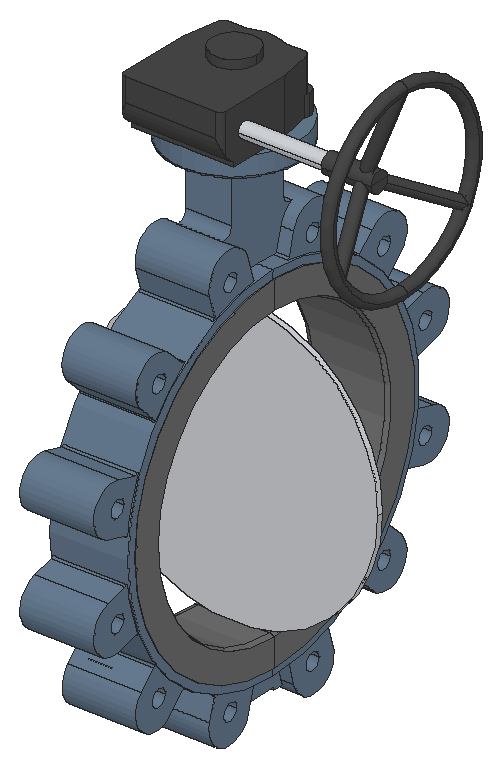
Revit family "Запорно-регулирующая заслонка с ручным редукторным приводом AF-4219", category Rohrzubehör, Revit 2020 (continued)
Definition of nested family "Getriebe für Klappe DN50-DN200"
  Dimensions and locks
    "R02": radius of Extrusion 1 sketch curve  (x4)
    "R01": radius of Extrusion 1 sketch curve
    "R03": radius of Extrusion 2 sketch curve  (x2)
    "R06": radius of Revolve 6 sketch curve
    "W01": angle Extrusion 1 sketch curve to Extrusion 1 sketch curve  (x2)
    aligned and locked: level to plane 2
  Automatic sketch dimensions
    Extrusion 3 sketch curve to level = 0 mm
    plane 1 "Mitte (Vorne/hinten)" to Extrusion 3 sketch curve = 80 mm
    Extrusion 3 sketch curve to Extrusion 3 sketch curve = 15.427 mm
    Extrusion 3 sketch curve to Extrusion 3 sketch curve = 13.173 mm
    level to Extrusion 3 sketch curve = 4.9 mm
    plane 1 "Mitte (Vorne/hinten)" to Extrusion 5 sketch curve = 0 mm
    Extrusion 5 sketch curve to plane 3 "Mitte (Links/rechts)" = 0 mm
    level to Revolve 7 sketch curve = 28.6 mm  (x2)
    plane 3 "Mitte (Links/rechts)" to Revolve 7 sketch curve = 172 mm
    level to Revolve 7 sketch curve = 26.361 mm
    Revolve 7 sketch curve to Revolve 7 sketch curve = 5.567 mm
    level to Revolve 7 sketch curve = 120.6 mm
    Revolve 7 sketch curve to Revolve 7 sketch curve = 0 mm  (x3)
    plane 3 "Mitte (Links/rechts)" to Revolve 10 sketch curve = 172 mm
    Revolve 10 sketch curve to Revolve 10 sketch curve = 5.567 mm
    Revolve 10 sketch curve to Revolve 10 sketch curve = 37 mm
    Revolve 10 sketch curve to Revolve 10 sketch curve = 2.239 mm
    Revolve 10 sketch curve to Revolve 10 sketch curve = 0 mm  (x4)
    plane 3 "Mitte (Links/rechts)" to Revolve 9 sketch curve = 172 mm
    Revolve 9 sketch curve to Revolve 9 sketch curve = 5.567 mm
    Revolve 9 sketch curve to Revolve 9 sketch curve = 37 mm
    Revolve 9 sketch curve to Revolve 9 sketch curve = 2.239 mm
    Revolve 9 sketch curve to Revolve 9 sketch curve = 0 mm  (x4)
    Extrusion 1 sketch curve to plane 3 "Mitte (Links/rechts)" = 0 mm
    plane 1 "Mitte (Vorne/hinten)" to Extrusion 1 sketch curve = 0 mm  (x2)
    Extrusion 1 sketch curve to plane 1 "Mitte (Vorne/hinten)" = 35.392 mm
    Extrusion 1 sketch curve to Extrusion 1 sketch curve = 18.48 mm  (x2)
    Extrusion 2 sketch curve to plane 3 "Mitte (Links/rechts)" = 35.7 mm
    plane 3 "Mitte (Links/rechts)" to Extrusion 2 sketch curve = 35.7 mm
    Revolve 4 sketch curve to plane 3 "Mitte (Links/rechts)" = 0 mm  (x2)
    Revolve 4 sketch curve to Revolve 4 sketch curve = 0 mm  (x2)
    Revolve 6 sketch curve to plane 3 "Mitte (Links/rechts)" = 1506.53 mm
    Revolve 6 sketch curve to Revolve 6 sketch curve = 1630.148 mm
    Revolve 8 sketch curve to Revolve 8 sketch curve = 7.5 mm
    Revolve 8 sketch curve to Revolve 8 sketch curve = 0 mm  (x2)
    radius of Extrusion 5 sketch curve = 22.3 mm
Definition of nested family "Getriebe für Klappe DN250-DN300"
  Parameters (values of type "Getriebe für Klappe DN250-DN300")
    W01 = 11.19°  # constant formula
    Default Elevation = 0 mm
    URL = "www.herz-armaturen.at"
    R07 = 92 mm  # constant formula
    R06 = 6 mm  # constant formula
    R05 = 10 mm  # constant formula
    R04 = 7.5 mm  # constant formula
    R03 = 10.5 mm  # constant formula
    R02 = 5.4 mm  # constant formula
    R01 = 44.9 mm  # constant formula
    M01 = 37 mm  # constant formula
    L03 = 52 mm  # constant formula
    L02 = 39.6 mm  # constant formula
    L01 = 80 mm  # constant formula
    Manufacturer = "Herz-Armaturen GmbH"  # constant formula
    H03 = 28.6 mm  # constant formula
    H02 = 20 mm  # constant formula
    H01 = 54 mm  # constant formula
    B05 = 209 mm  # constant formula
    B04 = 22 mm  # constant formula
    B03 = 50 mm  # constant formula
    B02 = 159 mm  # constant formula
    B01 = 51 mm  # constant formula
    A01 = 28.6 mm  # constant formula
  Reference planes
    plane 1 "Mitte (Vorne/hinten)": y = 0
    plane 2: z = 0
    plane 3 "Mitte (Links/rechts)": x = 0
  Forms (mm)
    Extrusion 1, solid, detail levels fine
      sketch origin (0, 0, 0) x (1, 0, 0) y (0, 1, 0)
        loop
          line (51, 0) -> (43.999, 35.392)
          arc (43.999, 35.392) -> (42.103, 38.419) -> (38.732, 39.6) r 5.4
          line (38.732, 39.6) -> (20.252, 39.6)
          arc (20.252, 39.6) -> (0, 44.427) -> (-20.252, 39.6) r 44.9
          line (-20.252, 39.6) -> (-38.732, 39.6)
          arc (-38.732, 39.6) -> (-42.103, 38.419) -> (-43.999, 35.392) r 5.4
          line (-43.999, 35.392) -> (-51, 0) -> (-51, -74.6)
          arc (-51, -74.6) -> (-49.418, -78.418) -> (-45.6, -80) r 5.4
          line (-45.6, -80) -> (45.6, -80)
          arc (45.6, -80) -> (49.418, -78.418) -> (51, -74.6) r 5.4
          line (51, -74.6) -> (51, 0)
      from 0 to 54
    Extrusion 2, solid, detail levels fine
      sketch origin (0, 0, 0) x (1, 0, 0) y (0, 1, 0)
        loop
          circle (-35.7, 37) r 10.5
        loop
          circle (35.7, 37) r 10.5
      from 0 to 20
    Extrusion 3, void
      sketch origin (0, 0, 0) x (0, 1, 0) y (0, 0, 1)
        loop
          line (-80, 0) -> (-64.573, 0) -> (-64.573, 4.9)
          arc (-64.573, 4.9) -> (-75.841, 15.433) -> (-80, 30.286) r 28.6
          line (-80, 30.286) -> (-80, 0)
      from -51 to 51
    Revolve 4, solid, detail levels fine
      sketch origin (0, 0, 28.6) x (1, 0, 0) y (0, 1, 0)
        loop
          line (0, -52) -> (0, -59.5) -> (159, -59.5) -> (159, -52) -> (0, -52)
        axis (0, -52) -> (159, -52)
      angle from 0 to 360
    Extrusion 5, solid, detail levels fine
      sketch origin (0, 0, 0) x (1, 0, 0) y (0, 1, 0)
        loop
          circle (0, 0) r 22.3
      from 54 to 62.5
    Revolve 6, solid, detail levels fine
      sketch origin (0, -52, 28.6) x (1, 0, 0) y (0, 0, 1)
        loop
          circle (209, 92) r 6
        axis (203, 0) -> (215, 0)
      angle from 0 to 360
    Revolve 7, solid, detail levels fine
      sketch origin (0, -52, 0) x (1, 0, 0) y (0, 0, 1)
        loop
          line (209, 120.6) -> (172, 28.6) -> (177.567, 26.361) -> (214.567, 118.361) -> (209, 120.6)
        axis (172, 28.6) -> (209, 120.6)
      angle from 0 to 360
    Revolve 8, solid, detail levels fine
      sketch origin (0, 0, 28.6) x (1, 0, 0) y (0, 1, 0)
        loop
          line (137, -59.5) -> (137, -62) -> (187, -62) -> (187, -52) -> (159, -52) -> (159, -59.5) -> (137, -59.5)
        axis (137, -52) -> (187, -52)
      angle from 0 to 360
    Revolve 9, solid, detail levels fine
      sketch origin (0, -27.232, 42.9) x (1, 0, 0) y (0, -0.866025, -0.5)
        loop
          line (209, 120.6) -> (172, 28.6) -> (177.567, 26.361) -> (214.567, 118.361) -> (209, 120.6)
        axis (172, 28.6) -> (209, 120.6)
      angle from 0 to 360
    Revolve 10, solid, detail levels fine
      sketch origin (0, -76.768, 42.9) x (1, 0, 0) y (0, 0.866025, -0.5)
        loop
          line (209, 120.6) -> (172, 28.6) -> (177.567, 26.361) -> (214.567, 118.361) -> (209, 120.6)
        axis (172, 28.6) -> (209, 120.6)
      angle from 0 to 360
  Cuts and joins
    Extrusion 3 cuts Extrusion 1
  Dimensions and locks
    "B01": Extrusion 1 sketch curve to plane 3 "Mitte (Links/rechts)"
    "B01": plane 3 "Mitte (Links/rechts)" to Extrusion 1 sketch curve
    "L02": plane 1 "Mitte (Vorne/hinten)" to Extrusion 1 sketch curve  (x2)
    "L01": Extrusion 1 sketch curve to plane 1 "Mitte (Vorne/hinten)"
    "M01": plane 1 "Mitte (Vorne/hinten)" to Extrusion 2 sketch curve  (x2)
    "H01": Extrusion 1 to plane 2
    "H02": Extrusion 2 to plane 2
    "L03": Revolve 4 sketch curve to plane 1 "Mitte (Vorne/hinten)"
    "R04": Revolve 4 sketch curve to Revolve 4 sketch curve
    "B02": Revolve 4 sketch curve to Revolve 4 sketch curve
    "H03": Revolve 8 to plane 2
    "H03": Revolve 4 to plane 2
    "L03": Revolve 8 sketch curve to plane 1 "Mitte (Vorne/hinten)"
    "B02": plane 3 "Mitte (Links/rechts)" to Revolve 8 sketch curve
    "R05": Revolve 8 sketch curve to Revolve 8 sketch curve
    "B03": Revolve 8 sketch curve to Revolve 8 sketch curve
    "B04": Revolve 8 sketch curve to Revolve 8 sketch curve
    "R04": Revolve 8 sketch curve to Revolve 8 sketch curve
    "B05": Revolve 6 sketch curve to plane 3 "Mitte (Links/rechts)"
    "R07": Revolve 6 sketch curve to Revolve 6 sketch curve
    "A01": plane 2 to Revolve 6 sketch curve
    "R02": radius of Extrusion 1 sketch curve  (x4)
    "R01": radius of Extrusion 1 sketch curve
    "R03": radius of Extrusion 2 sketch curve  (x2)
    "R06": radius of Revolve 6 sketch curve
    "W01": angle Extrusion 1 sketch curve to Extrusion 1 sketch curve  (x2)
    aligned and locked: level to plane 2
  Automatic sketch dimensions
    Extrusion 3 sketch curve to level = 0 mm
    plane 1 "Mitte (Vorne/hinten)" to Extrusion 3 sketch curve = 80 mm
    Extrusion 3 sketch curve to Extrusion 3 sketch curve = 15.427 mm
    Extrusion 3 sketch curve to Extrusion 3 sketch curve = 13.173 mm
    level to Extrusion 3 sketch curve = 4.9 mm
    plane 1 "Mitte (Vorne/hinten)" to Extrusion 5 sketch curve = 0 mm
    Extrusion 5 sketch curve to plane 3 "Mitte (Links/rechts)" = 0 mm
    level to Revolve 7 sketch curve = 28.6 mm  (x2)
    plane 3 "Mitte (Links/rechts)" to Revolve 7 sketch curve = 172 mm
    level to Revolve 7 sketch curve = 26.361 mm
    Revolve 7 sketch curve to Revolve 7 sketch curve = 5.567 mm
    level to Revolve 7 sketch curve = 120.6 mm
    Revolve 7 sketch curve to Revolve 7 sketch curve = 0 mm  (x3)
    plane 3 "Mitte (Links/rechts)" to Revolve 10 sketch curve = 172 mm
    Revolve 10 sketch curve to Revolve 10 sketch curve = 5.567 mm
    Revolve 10 sketch curve to Revolve 10 sketch curve = 37 mm
    Revolve 10 sketch curve to Revolve 10 sketch curve = 2.239 mm
    Revolve 10 sketch curve to Revolve 10 sketch curve = 0 mm  (x4)
    plane 3 "Mitte (Links/rechts)" to Revolve 9 sketch curve = 172 mm
    Revolve 9 sketch curve to Revolve 9 sketch curve = 5.567 mm
    Revolve 9 sketch curve to Revolve 9 sketch curve = 37 mm
    Revolve 9 sketch curve to Revolve 9 sketch curve = 2.239 mm
    Revolve 9 sketch curve to Revolve 9 sketch curve = 0 mm  (x4)
    Extrusion 1 sketch curve to plane 3 "Mitte (Links/rechts)" = 0 mm
    plane 1 "Mitte (Vorne/hinten)" to Extrusion 1 sketch curve = 0 mm  (x2)
    Extrusion 1 sketch curve to plane 1 "Mitte (Vorne/hinten)" = 35.392 mm
    Extrusion 1 sketch curve to Extrusion 1 sketch curve = 18.48 mm  (x2)
    Extrusion 2 sketch curve to plane 3 "Mitte (Links/rechts)" = 35.7 mm
    plane 3 "Mitte (Links/rechts)" to Extrusion 2 sketch curve = 35.7 mm
    Revolve 4 sketch curve to plane 3 "Mitte (Links/rechts)" = 0 mm  (x2)
    Revolve 4 sketch curve to Revolve 4 sketch curve = 0 mm  (x2)
    Revolve 6 sketch curve to plane 3 "Mitte (Links/rechts)" = 1506.53 mm
    Revolve 6 sketch curve to Revolve 6 sketch curve = 1630.148 mm
    Revolve 8 sketch curve to Revolve 8 sketch curve = 7.5 mm
    Revolve 8 sketch curve to Revolve 8 sketch curve = 0 mm  (x2)
    radius of Extrusion 5 sketch curve = 22.3 mm
